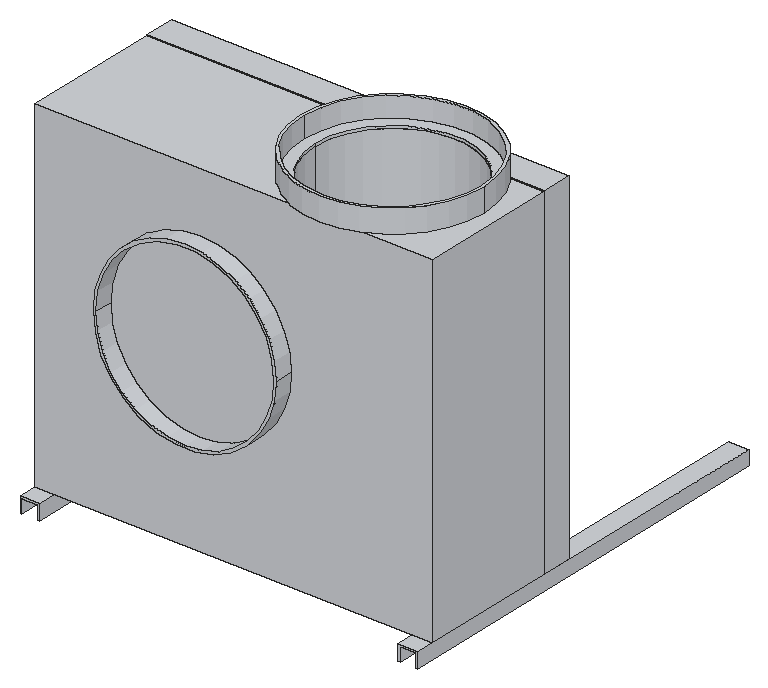
Revit family "ROSENBERG_KBAE_180-400", category Wyposażenie mechaniczne, Revit 2016
Family settings
  Typ części = Normalny
  Wymiar okrągłego złącza = Użyj średnicy
  Numer OmniClass = 23.75.00.00
  Tytuł OmniClass = Climate Control (HVAC)
  Oparty na płaszczyźnie roboczej = Tak
  Zawsze pionowo = Tak
  Tnij formami wycięć po wczytaniu = Nie
  Współdzielony = Nie
  Punkt obliczania pomieszczeń = Nie
Parameters (values of type "KBAE 400-4SW.120")
  Średnica przyłącza = 355 mm
  param.void = Średnica przyłącza - 10 mm  # 345 mm
  param.otw.wew = 300 mm
  param.L.otwor = 142.5 mm
  Użyj skali opisów [instance] = 0
  Typ zasilania = 1
  Default Elevation = 1219.2 mm
  2.param.szer.urządzenie = 331 mm
  2.param.szer.klapa = 60 mm
  param.puszka.przył = 140 mm
  param.otwory. = (param.puszka.przył / 15) / 2  # 4.667 mm
  5.param.os.went.wyw = 162.5 mm
  1.param.odsunięcie.urządzenie.front = 35 mm
  5.param.odsunięcie.wylot = 206.7 mm
  4.param.odsunięcie.wlot = 451 mm
  param.odl.rączka = 55 mm
  param.lb.otwor = param.puszka.przył / 14 mm  # 10
  5.param.h.wylot = Wysokość kroćca  # 45 mm
  4.param.h.wlot = 372 mm
  1.param.dł.podstawa = 800 mm
  2.param.W.urządzenia = 770 mm
  1.param.W.podstawa = 38 mm
  3.param.L.tyl.went = 492 mm
  2.param.H.urządzenia = 665 mm
  Wysokość kroćca = 45 mm
  URL = "https://rosenberg.pl/pl/products/fans/kitchen-exhaust-unit/kb/B21-40017/detail?page=2"
  1.param.H.podstawa = 29 mm
  Numer katalogowy = "B21-40017"
  Producent = "Rosenberg"
  Opis = "Wentylator do okapów kuchennych"
  Prąd znamionowy = 2.1 A
  Napięcie znamionowe = 230 V
  Model = "KBAE 400-4SW.120"
  Moc znamionowa = 450 W
  Materiał = none
  Masa = 71.00 kg
  Klasa szczelności = "IP54"
  Częstotliwość pracy = 50 Hz
  Charakterystyka pracy = "https://rosenberg.pl/pl/products/fans/kitchen-exhaust-unit/kb/B21-40017/detail?page=2#product-characteristics"
Types (8, lengths in mm): name | Średnica przyłącza | param.void | param.otw.wew | param.L.otwor | 2.param.szer.urządzenie | 5.param.os.went.wyw | 5.param.odsunięcie.wylot | 4.param.odsunięcie.wlot | 4.param.h.wlot | 1.param.dł.podstawa | 2.param.W.urządzenia | 3.param.L.tyl.went | 2.param.H.urządzenia | URL | Numer katalogowy | Prąd znamionowy | Model | Moc znamionowa | Masa | Klasa szczelności | Charakterystyka pracy
  KBAE 400-4SW.120 | 355 | 345 | 300 | 142.5 | 331 | 162.5 | 206.7 | 451 | 372 | 800 | 770 | 492 | 665 | "https://rosenberg.pl/pl/products/fans/kitchen-exhaust-unit/kb/B21-40017/detail?page=2" | "B21-40017" | 2.1 A | "KBAE 400-4SW.120" | 450 W | 71.00 kg | "IP54" | "https://rosenberg.pl/pl/products/fans/kitchen-exhaust-unit/kb/B21-40017/detail?page=2#product-characteristics"
  KBAE 355-4SW.110 | 355 | 345 | 300 | 142.5 | 331 | 162.5 | 206.7 | 451 | 372 | 800 | 770 | 472 | 665 | "https://rosenberg.pl/pl/products/fans/kitchen-exhaust-unit/kb/B21-35517/detail?page=2" | "B21-35517" | 1.37 A | "KBAE 355-4SW.110" | 290 W | 70.00 kg | "IP54" | "https://rosenberg.pl/pl/products/fans/kitchen-exhaust-unit/kb/B21-35517/detail?page=2#product-characteristics"
  KBAE 315-4SW.098 | 315 | 305 | 270 | 142.5 | 307 | 153.5 | 187.5 | 398 | 339 | 800 | 690 | 448 | 600 | "https://rosenberg.pl/pl/products/fans/kitchen-exhaust-unit/kb/B21-31517/detail?page=2" | "B21-31517" | 1.1 A | "KBAE 315-4SW.098" | 200 W | 67.00 kg | "IP54" | "https://rosenberg.pl/pl/products/fans/kitchen-exhaust-unit/kb/B21-31517/detail?page=2#product-characteristics"
  KBAE 280-4ST.114 | 280 | 270 | 260 | 142.5 | 291 | 142.5 | 171.5 | 360 | 295 | 600 | 625 | 480 | 537 | "https://rosenberg.pl/pl/products/fans/kitchen-exhaust-unit/kb/B21-28017/detail?page=2" | "B21-28017" | 6.4 A | "KBAE 280-4ST.114" | 1400 W | 64.00 kg | "IP21" | "https://rosenberg.pl/pl/products/fans/kitchen-exhaust-unit/kb/B21-28017/detail?page=2#product-characteristics"
  KBAE 250-4ST.102 | 250 | 240 | 240 | 51 | 272 | 132.5 | 161.5 | 333 | 282 | 600 | 576 | 461 | 500 | "https://rosenberg.pl/pl/products/fans/kitchen-exhaust-unit/kb/B21-25017/detail?page=2" | "B21-25017" | 5.5 A | "KBAE 250-4ST.102" | 1100 W | 56.00 kg | "IP54" | "https://rosenberg.pl/pl/products/fans/kitchen-exhaust-unit/kb/B21-25017/detail?page=2#product-characteristics"
  KBAE 225-4ST.092 | 225 | 215 | 215 | 51 | 251 | 122.5 | 146.5 | 301 | 256 | 600 | 522 | 413 | 445 | "https://rosenberg.pl/pl/products/fans/kitchen-exhaust-unit/kb/B21-22517/detail?page=2" | "B21-22517" | 2.2 A | "KBAE 225-4ST.092" | 490 W | 37.00 kg | "IP54" | "https://rosenberg.pl/pl/products/fans/kitchen-exhaust-unit/kb/B21-22517/detail?page=2#product-characteristics"
  KBAE 200-4ST.082 | 200 | 190 | 190 | 51 | 232 | 113 | 142.7 | 292 | 249 | 450 | 450 | 373 | 445 | "https://rosenberg.pl/pl/products/fans/kitchen-exhaust-unit/kb/B21-20017/detail?page=2" | "B21-20017" | 1.45 A | "KBAE 200-4ST.082" | 310 W | 31.50 kg | "IP54" | "https://rosenberg.pl/pl/products/fans/kitchen-exhaust-unit/kb/B21-20017/detail?page=2#product-characteristics"
  KBAE 180-4ST.082 | 200 | 190 | 190 | 51 | 221 | 106.5 | 134.4 | 269 | 230 | 450 | 470 | 362 | 412 | "https://rosenberg.pl/pl/products/fans/kitchen-exhaust-unit/kb/B21-18017/detail?page=2" | "B21-18017" | 1.25 A | "KBAE 180-4ST.082" | 240 W | 31.50 kg | "IP54" | "https://rosenberg.pl/pl/products/fans/kitchen-exhaust-unit/kb/B21-18017/detail?page=2#product-characteristics"
Reference planes
  plane 1 "Center (Front/Back)": y = 0
  plane 2: z = 0
  plane 3 "Center (Left/Right)": x = 0
  plane 4 "podpora": z = 29
  plane 5 "h.went": z = 694
  plane 6 "l1": x = -385
  plane 7 "p1": x = 385
  plane 8: x = -347
  plane 9: x = 347
  plane 10 "f1": y = -400
  plane 11 "t1": y = 400
  plane 12 "os.wylot": x = 178.3
  plane 13 "os.wlot": x = -66
  plane 14 "f2": y = -365
  plane 15 "t2": y = -34
  plane 16 "VOID": y = -94
  plane 17 "os.went": y = -202.5
  plane 18 "os.went.wlot1": z = 401
  plane 19 "tyl.wenty": y = 127
  plane 20 "t.wylot": z = 739
  plane 21 "rączka": x = 330
  plane 22 "otworo": z = 258.5
Forms (mm)
  Extrusion 1, solid
    sketch origin (0, 0, 0) x (1, 0, 0) y (0, 1, 0)
      loop
        line (-385, 400) -> (-385, -400) -> (-347, -400) -> (-347, 400) -> (-385, 400)
    from 0 to 29
  Extrusion 2, solid
    sketch origin (0, 0, 0) x (1, 0, 0) y (0, 1, 0)
      loop
        line (347, 400) -> (347, -400) -> (385, -400) -> (385, 400) -> (347, 400)
    from 0 to 29
  Extrusion 3, solid
    sketch origin (0, 0, 0) x (1, 0, 0) y (0, 1, 0)
      loop
        line (-385, -34) -> (-385, -365) -> (385, -365) -> (385, -34) -> (-385, -34)
    from 29 to 694
  Sweep 4, void
    path origin (0, -94, 0) x (-1, 0, 0) y (0, 0, 1)
      loop
        line (385, 29) -> (385, 694) -> (-385, 694) -> (-385, 29) -> (385, 29)
    profile origin (0, -94, 29) x (0, 0, -1) y (0, 1, 0)
      loop
        line (0, 0.824) -> (-2.045, 0.824) -> (-2.045, -0.738) -> (0, -0.738) -> (0, 0.824)
  Sweep 5, solid
    path origin (0, 0, 401) x (-1, 0, 0) y (0, -1, 0)
      loop
        line (66, 365) -> (66, 400)
    profile "Profil1 : Profil1" origin (-66, -382.5, 401) x (1, 0, 0) y (0, 0, 1)
      loop
        circle (0, 0) r 177.5
  Sweep 6, void
    path origin (0, 0, 401) x (-1, 0, 0) y (0, -1, 0)
      loop
        line (66, 365) -> (66, 400)
    profile "Profil3 : Profil3" origin (-66, -382.5, 401) x (1, 0, 0) y (0, 0, 1)
      loop
        circle (0, 0) r 172.5
  Sweep 7, solid
    path origin (0, -202.5, 0) x (-1, 0, 0) y (0, 0, 1)
      loop
        line (-178.3, 694) -> (-178.3, 739)
    profile "Profil1 : Profil1" origin (178.3, -202.5, 716.5) x (1, 0, 0) y (0, 1, 0)
      loop
        circle (0, 0) r 177.5
  Sweep 8, void
    path origin (0, -202.5, 0) x (-1, 0, 0) y (0, 0, 1)
      loop
        line (-178.3, 739) -> (-178.3, 699)
    profile "Profil3 : Profil3" origin (178.3, -202.5, 719) x (-1, 0, 0) y (0, 1, 0)
      loop
        circle (0, 0) r 172.5
  Sweep 9, solid
    path origin (0, 0, 401) x (-1, 0, 0) y (0, -1, 0)
      loop
        line (66, 34) -> (66, -127)
    profile "Profil6 : Profil6" origin (-66, 46.5, 401) x (-1, 0, 0) y (0, 0, 1)
      loop
        line (-177.5, 177.5) -> (-177.5, -177.5) -> (177.5, -177.5) -> (177.5, 177.5) -> (-177.5, 177.5)
  Extrusion 10, void
    sketch origin (0, 0, 0) x (1, 0, 0) y (0, 1, 0)
      loop
        line (-381.255, 400) -> (-381.255, -400) -> (-350.993, -400) -> (-350.993, 400) -> (-381.255, 400)
    from 0 to 25.952
  Extrusion 11, void
    sketch origin (0, 0, 0) x (1, 0, 0) y (0, 1, 0)
      loop
        line (351, 400) -> (351, -400) -> (381.372, -400) -> (381.372, 400) -> (351, 400)
    from 0 to 25.995
  Sweep 12, solid
    path origin (330, 0, 0) x (0, 1, 0) y (0, 0, 1)
      loop
        line (-34, 371) -> (-34, 380.237) -> (-13.237, 401) -> (-13.237, 436) -> (-34, 450.539) -> (-34, 460.004)
    profile origin (330, -34, 375.618) x (0, -1, 0) y (1, 0, 0)
      loop
        line (0, -2.273) -> (0, 2.727) -> (-2.052, 2.727) -> (-2.052, -2.273) -> (0, -2.273)
  Sweep 13, void
    path origin (0, -202.5, 0) x (-1, 0, 0) y (0, 0, 1)
      loop
        line (-178.3, 739) -> (-178.3, 401)
    profile "Profil7 : Profil7" origin (178.3, -202.5, 570) x (-1, 0, 0) y (0, 1, 0)
      loop
        circle (0, 0) r 150
Cuts and joins
  Sweep 4, Extrusion 10 cuts Extrusion 1
  Sweep 4, Extrusion 11 cuts Extrusion 2
  Sweep 4, Sweep 6, Sweep 8, Extrusion 11, Sweep 13 cuts Extrusion 3
  Sweep 6 cuts Sweep 5
  Sweep 8, Sweep 13 cuts Sweep 7
Dimensions and locks
  "1.param.H.podstawa": plane 4 "podpora" to level
  "2.param.H.urządzenia": plane 5 "h.went" to plane 4 "podpora"
  equal spacing: plane 6 "l1", plane 3 "Center (Left/Right)", plane 7 "p1"
  "2.param.W.urządzenia": plane 6 "l1" to plane 7 "p1"
  "1.param.W.podstawa": plane 6 "l1" to plane 8
  "1.param.W.podstawa": plane 9 to plane 7 "p1"
  equal spacing: plane 11 "t1", plane 1 "Center (Front/Back)", plane 10 "f1"
  "1.param.dł.podstawa": plane 11 "t1" to plane 10 "f1"
  "5.param.odsunięcie.wylot": plane 12 "os.wylot" to plane 7 "p1"
  "4.param.odsunięcie.wlot": plane 13 "os.wlot" to plane 7 "p1"
  "1.param.odsunięcie.urządzenie.front": plane 14 "f2" to plane 10 "f1"
  "2.param.szer.urządzenie": plane 15 "t2" to plane 14 "f2"
  "2.param.szer.klapa": plane 15 "t2" to plane 16 "VOID"
  "5.param.os.went.wyw": plane 17 "os.went" to plane 14 "f2"
  "4.param.h.wlot": plane 18 "os.went.wlot1" to plane 4 "podpora"
  "3.param.L.tyl.went": plane 19 "tyl.wenty" to plane 14 "f2"
  "5.param.h.wylot": plane 20 "t.wylot" to plane 5 "h.went"
  locked: plane 6 "l1" to Extrusion 10 sketch curve at 3.745
  locked: Extrusion 10 sketch curve to plane 8 at 3.993
  locked: plane 4 "podpora" to Extrusion 10 at 3.048
  locked: plane 9 to Extrusion 11 sketch curve at 4
  locked: Extrusion 11 sketch curve to plane 7 "p1" at 3.628
  locked: cut or joined group of Extrusion 2, Sweep 4, Extrusion 11 to plane 4 "podpora" at 3.005
  "param.odl.rączka": plane 21 "rączka" to plane 7 "p1"
  Sweep 12 sketch curve to plane 1 "Center (Front/Back)" = 13.237 mm
  locked: plane 15 "t2" to Sweep 12 sketch curve at 20.763
  "param.L.otwor": plane 22 "otworo" to plane 18 "os.went.wlot1"
  Sweep 8 sketch curve to Sweep 8 sketch curve = 40 mm
  aligned and locked: level to plane 2
  aligned and locked: Extrusion 1 sketch curve to plane 6 "l1"
  aligned and locked: plane 8 to Extrusion 1 sketch curve
  aligned and locked: Extrusion 1 sketch curve to plane 11 "t1"
  aligned and locked: plane 10 "f1" to Extrusion 1 sketch curve
  aligned and locked: Extrusion 1 to plane 2
  aligned and locked: plane 4 "podpora" to Extrusion 1
  aligned and locked: plane 7 "p1" to Extrusion 2 sketch curve
  aligned and locked: Extrusion 2 sketch curve to plane 9
  aligned and locked: Extrusion 2 sketch curve to plane 11 "t1"
  aligned and locked: plane 10 "f1" to Extrusion 2 sketch curve
  aligned and locked: Extrusion 2 to plane 2
  aligned and locked: plane 4 "podpora" to Extrusion 2
  aligned and locked: plane 7 "p1" to Extrusion 3 sketch curve
  aligned and locked: Extrusion 3 sketch curve to plane 6 "l1"
  aligned and locked: Extrusion 3 sketch curve to plane 15 "t2"
  aligned and locked: plane 14 "f2" to Extrusion 3 sketch curve
  aligned and locked: Extrusion 3 to plane 4 "podpora"
  aligned and locked: plane 4 "podpora" to Extrusion 3
  aligned and locked: plane 5 "h.went" to Extrusion 3
  aligned and locked: Sweep 4 sketch curve to plane 7 "p1"
  aligned and locked: plane 5 "h.went" to Sweep 4 sketch curve
  aligned and locked: plane 6 "l1" to Sweep 4 sketch curve
  aligned and locked: Sweep 4 sketch curve to plane 4 "podpora"
  aligned and locked: Sweep 5 sketch curve to plane 13 "os.wlot"
  aligned and locked: plane 14 "f2" to Sweep 5 sketch curve
  aligned and locked: plane 10 "f1" to Sweep 5 sketch curve
  aligned and locked: Sweep 6 sketch curve to plane 13 "os.wlot"
  aligned and locked: plane 10 "f1" to Sweep 6 sketch curve
  aligned and locked: plane 12 "os.wylot" to Sweep 7 sketch curve
  aligned and locked: plane 20 "t.wylot" to Sweep 7 sketch curve
  aligned and locked: plane 5 "h.went" to Sweep 7 sketch curve
  aligned and locked: Sweep 8 sketch curve to plane 12 "os.wylot"
  aligned and locked: plane 20 "t.wylot" to Sweep 8 sketch curve
  aligned and locked: plane 13 "os.wlot" to Sweep 9 sketch curve
  aligned and locked: plane 15 "t2" to Sweep 9 sketch curve
  aligned and locked: plane 19 "tyl.wenty" to Sweep 9 sketch curve
  aligned and locked: Extrusion 10 sketch curve to plane 11 "t1"
  aligned and locked: plane 10 "f1" to Extrusion 10 sketch curve
  aligned and locked: plane 10 "f1" to Extrusion 11 sketch curve
  aligned and locked: Extrusion 11 sketch curve to plane 11 "t1"
  aligned and locked: plane 15 "t2" to Sweep 12 sketch curve  (x2)
  aligned and locked: plane 12 "os.wylot" to Sweep 13 sketch curve
  aligned and locked: plane 20 "t.wylot" to Sweep 13 sketch curve
  aligned and locked: plane 18 "os.went.wlot1" to Sweep 13 sketch curve
  aligned and locked: cut or joined group of Sweep 5, Sweep 6 to Sweep 6 sketch curve
Automatic sketch dimensions
  Sweep 4 sketch curve to profile plane = 0 mm
  Sweep 4 sketch curve to plane 16 "VOID" = 0.738 mm
  profile plane to Sweep 4 sketch curve = 2.045 mm
  plane 16 "VOID" to Sweep 4 sketch curve = 0.824 mm
  Sweep 12 sketch curve to plane 18 "os.went.wlot1" = 0 mm
  Sweep 12 sketch curve to plane 18 "os.went.wlot1" = 20.763 mm
  Sweep 12 sketch curve to Sweep 12 sketch curve = 9.237 mm
  Sweep 12 sketch curve to profile plane = 0 mm
  Sweep 12 sketch curve to Sweep 12 sketch curve = 2.052 mm
  Sweep 12 sketch curve to plane 21 "rączka" = 2.273 mm
  plane 21 "rączka" to Sweep 12 sketch curve = 2.727 mm
  plane 18 "os.went.wlot1" to Sweep 12 sketch curve = 35 mm
  Sweep 12 sketch curve to Sweep 12 sketch curve = 14.539 mm
  Sweep 12 sketch curve to Sweep 12 sketch curve = 9.466 mm
Connectors
  hvac at (178.3, -202.5, 739), driven by "Średnica przyłącza"
    settings: on cut or joined group of Sweep 7, Sweep 8, Sweep 13, index 1, duct flow 0.0 m³/s, flow factor 0, pres drop 0.0 Pa, loss coef 0, conn angle 0.00°, conn width 304.8 mm, conn height 304.8 mm, conn diameter 355 mm, duct sys type 3, conn prof type 0, flow config 2, flow direction 2, loss method 0, conn ref index 2, conn util no, is conn primary yes, conn desc "AirOut"
  hvac at (-66, -400, 401), driven by "Średnica przyłącza"
    settings: on cut or joined group of Sweep 5, Sweep 6, index 2, duct flow 0.0 m³/s, flow factor 0, pres drop 0.0 Pa, loss coef 0, conn angle 0.00°, conn width 304.8 mm, conn height 304.8 mm, conn diameter 355 mm, duct sys type 3, conn prof type 0, flow config 0, flow direction 1, loss method 0, conn ref index 1, conn util no, is conn primary no, conn desc "AirIn"
  electrical at (-66, 46.5, 223.5), driven by "Typ zasilania", driven by "Napięcie znamionowe"
    settings: on Sweep 9, index 3, voltage 230 V, apparent load 0 VA, apparent load phase1 0 VA, apparent load phase2 0 VA, apparent load phase3 0 VA, power factor 1, load classification "Inne", number of poles 1, system type 31, power factor state 1, is connector primary yes, connector utility no, sub classification motor no, connector description "elektryczne"
